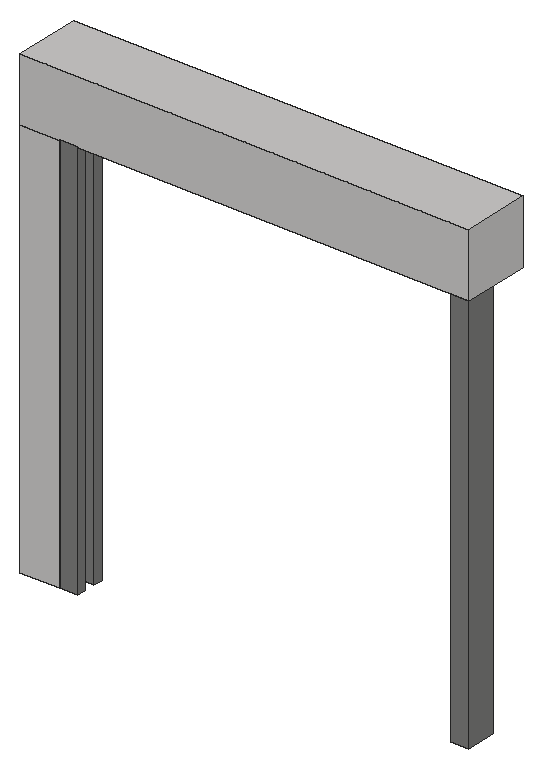
Revit family "AQ0025_Profil Prisme PRENIUM", category Portes, Revit 2024
Family settings
  Hôte = Mur
  Numéro OmniClass = 23.30.10.00
  Titre OmniClass = Doors
  Toujours verticalement = Oui
  Couper avec des vides une fois chargée = Non
  Partagée = Non
  Repère de localisation dans la pièce = Non
Parameters
  Profondeur_Montant_Industrie = 95 mm
  Position Ouvert [instance] = yes
  Position Fermée [instance] = not(Position Ouvert)  # no
  Largeur_Montant_Industrie = 160 mm
  Hauteur_Volet = 341.5 mm
  Hauteur_Ouverture_Porte = 1300 mm
  Hauteur_Boite_Elec = 1000 mm
  Haut_Volet_Roulant = 391 mm
  Fonction = Intérieur
  Projection - Ext. de l'encadrement = 25 mm
  Projection Int. de l'encadrement = 25 mm
  Largeur du cadre = 75 mm
  Height [instance] = 2100.5 mm
  Fermeture du mur = Par hôte
  Width [instance] = 2000 mm
  Ebrasement = 20 mm
  Définir les propriétés thermiques par = Type schématique
  Dim_Boite_Elec_Largeur = 400 mm
  Dim_Boit_Elec_Longueur = 400 mm
  Decalage_Boite_Elec = 200 mm
  Construction analytique = "<Aucun>"
Reference planes
  plane 1: y = 0
  plane 2 "Centre (gauche/droite)": x = 0
  plane 3 "Gauche": x = -1000
  plane 4 "Droite": x = 1000
  plane 5: z = 2100.5
  plane 6 "Extérieur": y = 75
  plane 7 "Intérieur": y = -75
  plane 8: y = 235
  plane 9: x = -1095
  plane 10: y = 235
  plane 11: x = 1095
  plane 12: y = 155
  plane 13: y = 155
  plane 14: z = 2491.5
  plane 15: z = 2150
  plane 16: x = -1310
  plane 17: y = 155.5
Forms (mm)
  Extrusion 1, solid, material "Acier"
    sketch origin (0, 0, 0) x (1, 0, 0) y (0, 1, 0)
      loop
        line (1095, 235) -> (1000, 235) -> (1000, 185) -> (1078, 185) -> (1078, 125) -> (1000, 125) -> (1000, 75) -> (1095, 75) -> (1095, 235)
      loop
        line (-1000, 75) -> (-1000, 125) -> (-1078, 125) -> (-1078, 185) -> (-1000, 185) -> (-1000, 235) -> (-1095, 235) -> (-1095, 75) -> (-1000, 75)
    from 0 to 2150
  Extrusion 2, solid, material "Acier fin"
    sketch origin (0, 75, 0) x (1, 0, 0) y (0, 0, 1)
      loop
        line (1095, 2491.5) -> (-1310, 2491.5) -> (-1310, 2150) -> (1095, 2150) -> (1095, 2491.5)
    from 0 to -361.5
  Extrusion 3, solid, material "Acier fin"
    sketch origin (0, 0, 0) x (0, 1, 0) y (0, 0, 1)
      loop
        line (436.5, 2150) -> (75, 2150) -> (75, 0) -> (235, 0) -> (235, 1872.5) -> (436.5, 2150)
    from -1310 to -1095
  Extrusion 4, solid, material "Bleu", visible <- "Position Fermée"
    sketch origin (0, 75, 0) x (1, 0, 0) y (0, 0, 1)
      loop
        line (1071.5, 2150) -> (-1071.5, 2150) -> (-1071.5, 0) -> (1071.5, 0) -> (1071.5, 2150)
      loop
        line (921.5, 1450) -> (75, 1450) -> (75, 1300) -> (921.5, 1300) -> (921.5, 1450)
      loop
        line (-75, 1450) -> (-921.5, 1450) -> (-921.5, 1300) -> (-75, 1300) -> (-75, 1450)
      loop
        line (921.5, 1750) -> (75, 1750) -> (75, 1600) -> (921.5, 1600) -> (921.5, 1750)
      loop
        line (-75, 1750) -> (-921.5, 1750) -> (-921.5, 1600) -> (-75, 1600) -> (-75, 1750)
    from -79.5 to -80.5
  Extrusion 5, solid, material "Noir", visible <- "Position Fermée"
    sketch origin (0, 0, 0) x (0, 1, 0) y (0, 0, 1)
      loop
        line (155.5, 0) -> (166, 0) -> (166, 232.5) -> (156.5, 251.17) -> (156.5, 270) -> (155.5, 270) -> (155.5, 0)
    from -1071.5 to 1071.5
  Extrusion 6, solid, material "Noir", visible <- "Position Fermée"
    sketch origin (0, 0, 250) x (0, 1, 0) y (0, 0, 1)
      loop
        line (155, 20) -> (156.5, 20) -> (156.5, 40) -> (166, 57.5) -> (166, 92.5) -> (156.5, 111.17) -> (156.5, 130) -> (155, 130) -> (155, 20)
    from -1071.5 to 1071.5
  Extrusion 7, solid, material "Noir", visible <- "Position Fermée"
    sketch origin (0, 0, 1090) x (0, 1, 0) y (0, 0, 1)
      loop
        line (155, 77) -> (156.5, 77) -> (156.5, 97) -> (166, 114.5) -> (166, 149.5) -> (156.5, 168.17) -> (156.5, 187) -> (155, 187) -> (155, 77)
    from -1071.5 to 1071.5
  Extrusion 8, solid, material "Noir", visible <- "Position Fermée"
    sketch origin (0, 0, 1389) x (0, 1, 0) y (0, 0, 1)
      loop
        line (155.5, 77) -> (156.5, 77) -> (156.5, 97) -> (166, 114.5) -> (166, 149.5) -> (156.5, 168.17) -> (156.5, 187) -> (155.5, 187) -> (155.5, 77)
    from -1071.5 to 1078
  Extrusion 9, solid, material "Noir", visible <- "Position Ouvert"
    sketch origin (0, 0, 2293) x (0, 1, 0) y (0, 0, 1)
      loop
        line (155.5, -192.5) -> (156.5, -192.5) -> (156.5, -172.5) -> (166, -155) -> (166, -120) -> (156.5, -101.33) -> (156.5, -82.5) -> (155.5, -82.5) -> (155.5, -192.5)
    from -1078 to 1078
  Extrusion 10, solid, material "Bleu", visible <- "Position Ouvert"
    sketch origin (0, 75, -2660) x (1, 0, 0) y (0, 0, 1)
      loop
        line (1071.5, 4810) -> (-1071.5, 4810) -> (-1071.5, 4760.5) -> (1071.5, 4760.5) -> (1071.5, 4810)
    from -79.5 to -80.5
  Extrusion 11, solid, material "Noir", visible <- "Position Fermée"
    sketch origin (0, 0, 550) x (0, 1, 0) y (0, 0, 1)
      loop
        line (155, 19) -> (156.5, 19) -> (156.5, 39) -> (166, 56.5) -> (166, 91.5) -> (156.5, 110.17) -> (156.5, 129) -> (155, 129) -> (155, 19)
    from -1078 to 1078
  Extrusion 12, solid, material "Noir", visible <- "Position Fermée"
    sketch origin (0, 0, 849) x (0, 1, 0) y (0, 0, 1)
      loop
        line (155, 19) -> (156.5, 19) -> (156.5, 39) -> (166, 56.5) -> (166, 91.5) -> (156.5, 110.17) -> (156.5, 129) -> (155, 129) -> (155, 19)
    from -1078 to 1078
  Extrusion 13, solid, material "Noir", visible <- "Position Fermée"
    sketch origin (0, 0, 1688) x (0, 1, 0) y (0, 0, 1)
      loop
        line (155.5, 77) -> (156.5, 77) -> (156.5, 97) -> (166, 114.5) -> (166, 149.5) -> (156.5, 168.17) -> (156.5, 187) -> (155.5, 187) -> (155.5, 77)
    from -1078 to 1078
  Extrusion 14, solid, material "Noir", visible <- "Position Fermée"
    sketch origin (0, 0, 1987) x (0, 1, 0) y (0, 0, 1)
      loop
        line (154.5, 77) -> (156.5, 77) -> (156.5, 97) -> (166, 114.5) -> (166, 149.5) -> (156.5, 168.17) -> (156.5, 187) -> (154.5, 187) -> (154.5, 77)
    from -1078 to 1078
Lines and regions (mm)
  Opening 1
    outline origin (-3050, -75, 0) x (1, 0, 0) y (0, 0, 1)
      loop
        line (2050, 0) -> (4050, 0) -> (4050, 2100.5) -> (2050, 2100.5) -> (2050, 0)
  symbolic lines, style "Sens d'ouverture de l'élévation"
    curve 1: line (1000, -75, 1050.25) -> (-1000, -75, 2100.5)
    curve 2: line (1000, -75, 1050.25) -> (-1000, -75, 0)
Text (mm)
  text "Extérieur" at (-2295.016, 1099.543, 0), in view "Niveau de réf."
  text "Extérieur" at (0, 1615.38, 3698.081), in view "Gauche"
  text "Extérieur" at (0, 1036.032, 3874.932), in view "Droite"
Dimensions and locks
  equal spacing: plane 3 "Gauche", plane 2 "Centre (gauche/droite)", plane 4 "Droite"
  "Width": plane 3 "Gauche" to plane 4 "Droite"
  "Height": plane 5 to host wall
  equal spacing: host wall, curve 2, plane 5
  host wall to plane 5 = 2100.5 mm
  locked: plane 6 "Extérieur" to host wall
  locked: plane 7 "Intérieur" to host wall
  "Profondeur_Montant_Industrie": plane 9 to plane 3 "Gauche"
  "Profondeur_Montant_Industrie": plane 4 "Droite" to plane 11
  "Largeur_Montant_Industrie": plane 6 "Extérieur" to plane 8
  "Largeur_Montant_Industrie": plane 6 "Extérieur" to plane 10
  equal spacing: plane 6 "Extérieur", plane 12, plane 10
  equal spacing: plane 8, plane 13, plane 6 "Extérieur"
  locked: plane 6 "Extérieur" to Extrusion 1 sketch curve at 50  (x2)
  locked: Extrusion 1 sketch curve to plane 10 at 50
  locked: Extrusion 1 sketch curve to plane 11 at 17
  locked: plane 8 to Extrusion 1 sketch curve at 50
  locked: plane 9 to Extrusion 1 sketch curve at 17
  "Haut_Volet_Roulant": plane 5 to plane 14
  "Hauteur_Volet": plane 15 to plane 14
  locked: plane 16 to plane 9 at 215
  locked: plane 4 "Droite" to Extrusion 4 sketch curve at 71.5
  locked: Extrusion 4 sketch curve to plane 3 "Gauche" at 71.5
  locked: Extrusion 4 sketch curve to Extrusion 4 sketch curve at 150  (x9)
  "Hauteur_Ouverture_Porte": Extrusion 4 sketch curve to Extrusion 4 sketch curve
  locked: plane 17 to plane 13 at 0.5
  locked: plane 17 to Extrusion 5 sketch curve at 10.5
  locked: Extrusion 5 sketch curve to Extrusion 5 sketch curve at 18.83
  locked: Extrusion 5 sketch curve to Extrusion 5 sketch curve at 37.5
  locked: plane 17 to Extrusion 5 sketch curve at 1
  locked: Extrusion 6 sketch curve to Extrusion 6 sketch curve at 110
  locked: Extrusion 6 sketch curve to Extrusion 6 sketch curve at 18.83
  locked: Extrusion 6 sketch curve to Extrusion 6 sketch curve at 20
  locked: Extrusion 6 sketch curve to Extrusion 6 sketch curve at 35
  locked: Extrusion 6 sketch curve to Extrusion 6 sketch curve at 37.5
  Extrusion 6 sketch curve to Extrusion 6 sketch curve = 37.5 mm
  locked: Extrusion 7 sketch curve to Extrusion 7 sketch curve at 110
  locked: Extrusion 7 sketch curve to Extrusion 7 sketch curve at 18.83
  locked: Extrusion 7 sketch curve to Extrusion 7 sketch curve at 20
  locked: Extrusion 7 sketch curve to Extrusion 7 sketch curve at 35
  locked: Extrusion 7 sketch curve to Extrusion 7 sketch curve at 37.5
  Extrusion 7 sketch curve to Extrusion 7 sketch curve = 37.5 mm
  locked: Extrusion 8 sketch curve to Extrusion 8 sketch curve at 110
  locked: Extrusion 8 sketch curve to Extrusion 8 sketch curve at 18.83
  locked: Extrusion 8 sketch curve to Extrusion 8 sketch curve at 20
  locked: Extrusion 8 sketch curve to Extrusion 8 sketch curve at 35
  locked: Extrusion 8 sketch curve to Extrusion 8 sketch curve at 37.5
  Extrusion 8 sketch curve to Extrusion 8 sketch curve = 37.5 mm
  locked: Extrusion 7 to Extrusion 8 at 189
  Extrusion 6 to Extrusion 7 = 787 mm
  Extrusion 5 to Extrusion 6 = 0 mm
  locked: Extrusion 9 sketch curve to Extrusion 9 sketch curve at 110
  locked: Extrusion 9 sketch curve to Extrusion 9 sketch curve at 18.83
  locked: Extrusion 9 sketch curve to Extrusion 9 sketch curve at 20
  locked: Extrusion 9 sketch curve to Extrusion 9 sketch curve at 35
  locked: Extrusion 9 sketch curve to Extrusion 9 sketch curve at 37.5
  Extrusion 9 sketch curve to Extrusion 9 sketch curve = 37.5 mm
  locked: Extrusion 10 sketch curve to plane 9 at 23.5
  locked: plane 11 to Extrusion 10 sketch curve at 23.5
  locked: Extrusion 5 sketch curve to level at 270
  plane 4 "Droite" to Extrusion 1 = 95 mm
  locked: Extrusion 11 sketch curve to Extrusion 11 sketch curve at 110
  locked: Extrusion 11 sketch curve to Extrusion 11 sketch curve at 18.83
  locked: Extrusion 11 sketch curve to Extrusion 11 sketch curve at 20
  locked: Extrusion 11 sketch curve to Extrusion 11 sketch curve at 35
  locked: Extrusion 11 sketch curve to Extrusion 11 sketch curve at 37.5
  Extrusion 11 sketch curve to Extrusion 11 sketch curve = 37.5 mm
  locked: Extrusion 11 sketch curve to Extrusion 6 at 189
  locked: Extrusion 12 sketch curve to Extrusion 12 sketch curve at 110
  locked: Extrusion 12 sketch curve to Extrusion 12 sketch curve at 18.83
  locked: Extrusion 12 sketch curve to Extrusion 12 sketch curve at 20
  locked: Extrusion 12 sketch curve to Extrusion 12 sketch curve at 35
  locked: Extrusion 12 sketch curve to Extrusion 12 sketch curve at 37.5
  Extrusion 12 sketch curve to Extrusion 12 sketch curve = 37.5 mm
  locked: Extrusion 12 sketch curve to Extrusion 11 at 189
  locked: Extrusion 7 sketch curve to Extrusion 12 at 189
  locked: Extrusion 13 sketch curve to Extrusion 13 sketch curve at 110
  locked: Extrusion 13 sketch curve to Extrusion 13 sketch curve at 18.83
  locked: Extrusion 13 sketch curve to Extrusion 13 sketch curve at 20
  locked: Extrusion 13 sketch curve to Extrusion 13 sketch curve at 35
  locked: Extrusion 13 sketch curve to Extrusion 13 sketch curve at 37.5
  Extrusion 13 sketch curve to Extrusion 13 sketch curve = 37.5 mm
  locked: Extrusion 14 sketch curve to Extrusion 14 sketch curve at 110
  locked: Extrusion 14 sketch curve to Extrusion 14 sketch curve at 18.83
  locked: Extrusion 14 sketch curve to Extrusion 14 sketch curve at 20
  locked: Extrusion 14 sketch curve to Extrusion 14 sketch curve at 35
  locked: Extrusion 14 sketch curve to Extrusion 14 sketch curve at 37.5
  Extrusion 14 sketch curve to Extrusion 14 sketch curve = 37.5 mm
  locked: Extrusion 8 to Extrusion 13 at 189
  locked: Extrusion 13 to Extrusion 14 at 189
  level to plane 14 = 2491.5 mm
  aligned and locked: plane 3 "Gauche" to Opening 1 sketch curve
  aligned and locked: plane 5 to Opening 1 sketch curve  (x2)
  aligned and locked: Opening 1 sketch curve to plane 4 "Droite"
  aligned and locked: Opening 1 sketch curve to level
  aligned and locked: plane 5 to curve 1
  aligned and locked: plane 3 "Gauche" to curve 2
  aligned and locked: plane 1 to host wall
  aligned and locked: plane 3 "Gauche" to curve 1
  aligned and locked: Extrusion 1 sketch curve to plane 10
  aligned and locked: Extrusion 1 sketch curve to plane 6 "Extérieur"  (x2)
  aligned and locked: Extrusion 1 sketch curve to plane 4 "Droite"  (x2)
  aligned and locked: Extrusion 1 sketch curve to plane 11
  aligned and locked: Extrusion 1 sketch curve to plane 9
  aligned and locked: Extrusion 1 sketch curve to plane 8
  aligned and locked: Extrusion 1 sketch curve to plane 3 "Gauche"
  aligned and locked: plane 16 to Extrusion 2 sketch curve
  aligned and locked: Extrusion 2 sketch curve to plane 14
  aligned and locked: Extrusion 2 sketch curve to plane 15
  aligned and locked: Extrusion 2 sketch curve to plane 11
  aligned and locked: Extrusion 1 to plane 15
  aligned and locked: plane 15 to Extrusion 3 sketch curve
  aligned and locked: host wall to Extrusion 3 sketch curve
  aligned and locked: Extrusion 3 to plane 16
  aligned and locked: plane 9 to Extrusion 3
  aligned and locked: Extrusion 4 sketch curve to level
  aligned and locked: Extrusion 4 sketch curve to plane 15
  aligned and locked: Extrusion 4 sketch curve to Extrusion 4 sketch curve  (x5)
  aligned and locked: plane 17 to Extrusion 4
  aligned and locked: Extrusion 5 sketch curve to plane 17
  aligned and locked: Extrusion 5 to Extrusion 4
  aligned and locked: Extrusion 4 to Extrusion 5
  aligned and locked: Extrusion 6 sketch curve to Extrusion 6 sketch curve
  aligned and locked: Extrusion 4 to Extrusion 6
  aligned and locked: Extrusion 6 to Extrusion 4
  aligned and locked: Extrusion 7 sketch curve to Extrusion 7 sketch curve
  aligned and locked: Extrusion 7 to Extrusion 4
  aligned and locked: Extrusion 4 to Extrusion 7
  aligned and locked: plane 13 to Extrusion 7
  aligned and locked: plane 13 to Extrusion 6
  aligned and locked: Extrusion 8 sketch curve to Extrusion 8 sketch curve
  aligned and locked: Extrusion 8 to Extrusion 1
  aligned and locked: Extrusion 4 to Extrusion 8
  aligned and locked: Extrusion 8 to Extrusion 4
  aligned and locked: Extrusion 5 sketch curve to level
  aligned and locked: Extrusion 9 sketch curve to Extrusion 9 sketch curve
  aligned and locked: Extrusion 9 to Extrusion 1  (x2)
  aligned and locked: Extrusion 9 to Extrusion 4
  aligned and locked: Extrusion 10 sketch curve to plane 15
  aligned and locked: Extrusion 10 sketch curve to plane 5
  aligned and locked: Extrusion 3 sketch curve to level
  aligned and locked: Extrusion 3 sketch curve to Extrusion 1
  aligned and locked: Extrusion 6 sketch curve to Extrusion 5
  aligned and locked: Extrusion 11 sketch curve to Extrusion 11 sketch curve
  aligned and locked: Extrusion 11 to Extrusion 1  (x2)
  aligned and locked: Extrusion 11 to Extrusion 6
  aligned and locked: Extrusion 12 sketch curve to Extrusion 12 sketch curve
  aligned and locked: Extrusion 12 to Extrusion 1  (x2)
  aligned and locked: Extrusion 7 to Extrusion 12
  aligned and locked: Extrusion 13 sketch curve to Extrusion 13 sketch curve
  aligned and locked: Extrusion 14 sketch curve to Extrusion 14 sketch curve
  aligned and locked: Extrusion 13 to Extrusion 1  (x2)
  aligned and locked: Extrusion 14 to Extrusion 1  (x2)
  aligned and locked: Extrusion 14 to Extrusion 10
  aligned and locked: Extrusion 13 to Extrusion 4
Automatic sketch dimensions
  curve 2 to level = 0 mm
  plane 4 "Droite" to curve 2 = 0 mm
  Extrusion 1 sketch curve to plane 3 "Gauche" = 0 mm
  plane 8 to Extrusion 3 sketch curve = 201.5 mm
  plane 5 to Extrusion 3 sketch curve = 228 mm
  Extrusion 6 sketch curve to plane 12 = 0 mm
  plane 17 to Extrusion 6 sketch curve = 1 mm
  plane 17 to Extrusion 6 sketch curve = 10.5 mm
  Extrusion 7 sketch curve to plane 12 = 0 mm
  plane 17 to Extrusion 7 sketch curve = 1 mm
  plane 17 to Extrusion 7 sketch curve = 10.5 mm
  Extrusion 8 sketch curve to plane 17 = 0 mm
  Extrusion 8 sketch curve to Extrusion 8 sketch curve = 1 mm
  plane 17 to Extrusion 8 sketch curve = 10.5 mm
  plane 5 to Extrusion 8 sketch curve = 634.5 mm
  plane 5 to Extrusion 9 sketch curve = 0 mm
  Extrusion 9 sketch curve to plane 17 = 0 mm
  plane 17 to Extrusion 9 sketch curve = 1 mm
  plane 17 to Extrusion 9 sketch curve = 10.5 mm
  Extrusion 11 sketch curve to plane 12 = 0 mm
  plane 17 to Extrusion 11 sketch curve = 1 mm
  plane 17 to Extrusion 11 sketch curve = 10.5 mm
  Extrusion 12 sketch curve to plane 12 = 0 mm
  plane 17 to Extrusion 12 sketch curve = 1 mm
  plane 17 to Extrusion 12 sketch curve = 10.5 mm
  Extrusion 13 sketch curve to plane 17 = 0 mm
  Extrusion 13 sketch curve to Extrusion 13 sketch curve = 1 mm
  plane 17 to Extrusion 13 sketch curve = 10.5 mm
  plane 5 to Extrusion 13 sketch curve = 335.5 mm
  Extrusion 14 sketch curve to plane 12 = 0.5 mm
  plane 17 to Extrusion 14 sketch curve = 1 mm
  plane 17 to Extrusion 14 sketch curve = 10.5 mm
  plane 5 to Extrusion 14 sketch curve = 36.5 mm
  Extrusion 4 sketch curve to plane 2 "Centre (gauche/droite)" = 75 mm
